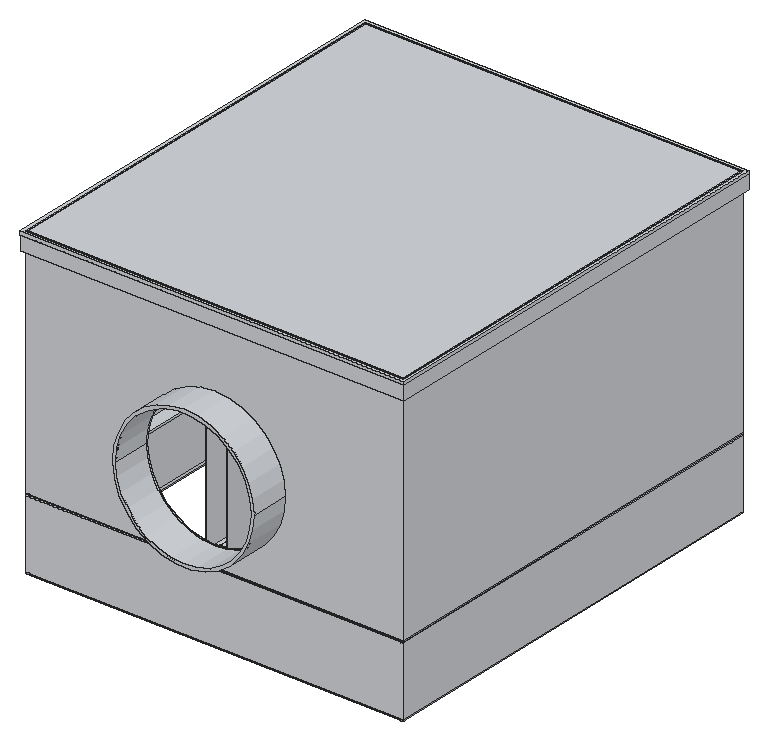
Revit family "C-SR-WT", category Mechanical Equipment, Revit 2015
Parameters
  URL = "http://unitedenertech.com/catalog/pdf/P_93a%20C-SR-WT.pdf"
  Type Comments = "Max. Size is (20\"l x 22\"w x 13\"h)"
  Track Length [instance] = Exact Length - 0' 0 3/16"  # 1' - 5 13/16"
  Model = "C-S/R-WT"
  Manufacturer = "United Enertech Corporation"
  Keynote = "Round Inlet Shown, Consult Factory if a Model with an Oval Inlet is Required."
  Inlet Radius = 0' - 3"
  Inlet ID [instance] = Inlet Radius - 0' 0 1/8"  # 0' - 2 7/8"
  Height = 1' - 1"
  Exact Width = 1' - 4"
  Exact Length = 1' - 6"
  Description = "Rectangular Ceiling Damper for Wood Truss Systems"
  Blade Height [instance] = Exact Width / 2 - 0' 0 3/4"  # 0' - 7 1/4"
Reference planes (in)
  plane 1 "Center (Front/Back)": y = 0
  plane 2: z = 0
  plane 3 "Center (Left/Right)": x = 0
  plane 4: x = -8
  plane 5: x = 8
  plane 6: y = -9
  plane 7: y = 9
  plane 8: z = 10.32128
  plane 9: z = 3.07128
  plane 10: y = -8.875
  plane 11: y = 8.875
  plane 12: y = -9.125
  plane 13: y = 9.125
  plane 14: x = -8.125
  plane 15: x = 8.125
  plane 16: z = 13
  plane 17: z = 12.875
  plane 18: y = -10.625
  plane 19: z = 12.25
  plane 20: z = 6.75
Forms (in)
  Extrusion 1, solid
    sketch origin (-3.22557, 0, -2.41006) x (1, 0, 0) y (0, 0, 1)
      loop
        line (3.67769, 5.56427) -> (3.67769, 5.70274) -> (3.64253, 5.70274) -> (3.64253, 5.56427)
        arc (3.64253, 5.56427) -> (3.63351, 5.53128) -> (3.60896, 5.50747) r 0.06484
        line (3.60896, 5.50747) -> (3.49684, 5.50747)
        arc (3.49684, 5.50747) -> (3.38487, 5.69001) -> (3.54769, 5.82912) r 0.16484
        arc (3.54769, 5.82912) -> (3.64326, 5.8687) -> (3.68285, 5.96427) r 0.13516
        line (3.68285, 5.96427) -> (3.68285, 12.73134) -> (3.64769, 12.73134) -> (3.64769, 5.96427)
        arc (3.64769, 5.96427) -> (3.6184, 5.89356) -> (3.54769, 5.86427) r 0.1
        arc (3.54769, 5.86427) -> (3.34971, 5.69263) -> (3.49156, 5.47231) r 0.2
        line (3.49156, 5.47231) -> (3.61697, 5.47231)
        arc (3.61697, 5.47231) -> (3.66114, 5.50918) -> (3.67769, 5.56427) r 0.1
    from -8.875 to 8.875
  Extrusion 2, solid
    sketch origin (0, 0, 0) x (1, 0, 0) y (0, 1, 0)
      loop
        line (-8, 9) -> (-8, -9) -> (8, -9) -> (8, 9) -> (-8, 9)
      loop
        line (-8.125, 9.125) -> (-8.125, -9.125) -> (8.125, -9.125) -> (8.125, 9.125) -> (-8.125, 9.125)
    from 12.25 to 12.875
  Extrusion 3, solid
    sketch origin (0, 0, 0) x (1, 0, 0) y (0, 1, 0)
      loop
        line (-8.125, 9.125) -> (-8.125, -9.125) -> (8.125, -9.125) -> (8.125, 9.125) -> (-8.125, 9.125)
    from 12.875 to 13
  Extrusion 4, solid
    sketch origin (3.22557, 0, -2.41006) x (-1, 0, 0) y (0, 0, -1)
      loop
        arc (3.67769, -5.56427) -> (3.66114, -5.50918) -> (3.61697, -5.47231) r 0.1
        line (3.61697, -5.47231) -> (3.49156, -5.47231)
        arc (3.49156, -5.47231) -> (3.34971, -5.69263) -> (3.54769, -5.86427) r 0.2
        arc (3.54769, -5.86427) -> (3.6184, -5.89356) -> (3.64769, -5.96427) r 0.1
        line (3.64769, -5.96427) -> (3.64769, -12.73134) -> (3.68285, -12.73134) -> (3.68285, -5.96427)
        arc (3.68285, -5.96427) -> (3.64326, -5.8687) -> (3.54769, -5.82912) r 0.13516
        arc (3.54769, -5.82912) -> (3.38487, -5.69001) -> (3.49684, -5.50747) r 0.16484
        line (3.49684, -5.50747) -> (3.60896, -5.50747)
        arc (3.60896, -5.50747) -> (3.63351, -5.53128) -> (3.64253, -5.56427) r 0.06484
        line (3.64253, -5.56427) -> (3.64253, -5.70274) -> (3.67769, -5.70274) -> (3.67769, -5.56427)
    from -8.875 to 8.875
  Extrusion 5, solid
    sketch origin (0, 0, 0) x (1, 0, 0) y (0, 0, 1)
      loop
        circle (0, 6.75) r 3
      loop
        circle (0, 6.75) r 2.875
    from 9 to 10.625
Dimensions and locks (in)
  equal spacing: plane 4, plane 3 "Center (Left/Right)", plane 5
  "Exact Width": plane 4 to plane 5
  equal spacing: plane 7, plane 1 "Center (Front/Back)", plane 6
  "Exact Length": plane 7 to plane 6
  locked: plane 9 to level at 3.07128
  locked: plane 10 to plane 6 at 0.125
  locked: plane 11 to plane 7 at 0.125
  locked: plane 13 to plane 7 at 0.125
  locked: plane 12 to plane 6 at 0.125
  locked: plane 14 to plane 4 at 0.125
  locked: plane 5 to plane 15 at 0.125
  "Height": plane 16 to level
  locked: plane 16 to plane 17 at 0.125
  locked: plane 12 to plane 18 at 1.5
  locked: plane 16 to plane 19 at 0.75
  "Blade Height": plane 8 to plane 9
  locked: plane 20 to level at 6.75
  "Inlet ID": radius of Extrusion 5 sketch curve
  "Inlet Radius": radius of Extrusion 5 sketch curve
  aligned and locked: level to plane 2
  aligned and locked: plane 1 "Center (Front/Back)" to nested 1
  aligned and locked: Extrusion 1 to plane 10
  aligned and locked: Extrusion 1 to plane 11
  aligned and locked: Extrusion 2 sketch curve to plane 13
  aligned and locked: Extrusion 2 sketch curve to plane 12
  aligned and locked: plane 14 to Extrusion 2 sketch curve
  aligned and locked: plane 15 to Extrusion 2 sketch curve
  aligned and locked: Extrusion 2 sketch curve to plane 5
  aligned and locked: Extrusion 2 sketch curve to plane 4
  aligned and locked: plane 6 to Extrusion 2 sketch curve
  aligned and locked: Extrusion 2 sketch curve to plane 7
  aligned and locked: plane 17 to Extrusion 2
  aligned and locked: Extrusion 3 sketch curve to plane 13
  aligned and locked: plane 14 to Extrusion 3 sketch curve
  aligned and locked: plane 15 to Extrusion 3 sketch curve
  aligned and locked: Extrusion 3 sketch curve to plane 12
  aligned and locked: Extrusion 3 to plane 17
  aligned and locked: plane 16 to Extrusion 3
  aligned and locked: plane 7 to nested 2
  aligned and locked: plane 3 "Center (Left/Right)" to nested 2
  aligned and locked: Extrusion 1 sketch curve to plane 8
  aligned and locked: plane 1 "Center (Front/Back)" to nested 3
  aligned and locked: plane 5 to nested 3
  aligned and locked: nested 4 to plane 4
  aligned and locked: Extrusion 4 to plane 11
  aligned and locked: Extrusion 4 to plane 10
  aligned and locked: nested 5 to plane 3 "Center (Left/Right)"
  aligned and locked: nested 5 to plane 6
  aligned and locked: plane 6 to Extrusion 5
  aligned and locked: Extrusion 5 to plane 18
Automatic sketch dimensions
  Extrusion 1 sketch curve to Extrusion 1 sketch curve = 0' - 0"  (x6)
  Extrusion 1 sketch curve to plane 9 = 0' - 0.00903"
  plane 3 "Center (Left/Right)" to Extrusion 1 sketch curve = 0' - 0.26599"
  Extrusion 1 sketch curve to Extrusion 1 sketch curve = 0' - 0.00528"
  Extrusion 1 sketch curve to Extrusion 1 sketch curve = 0' - 0.05085"
  plane 9 to Extrusion 1 sketch curve = 0' - 0.08293"
  Extrusion 1 sketch curve to Extrusion 1 sketch curve = 0' - 0.08085"
  plane 9 to Extrusion 1 sketch curve = 0' - 0.02612"
  Extrusion 1 sketch curve to Extrusion 1 sketch curve = 0' - 0.03127"
  Extrusion 1 sketch curve to Extrusion 1 sketch curve = 0' - 0.00801"
  plane 3 "Center (Left/Right)" to Extrusion 1 sketch curve = 0' - 0.42212"
  Extrusion 1 sketch curve to Extrusion 1 sketch curve = 0' - 0 9/256"
  Extrusion 1 sketch curve to Extrusion 1 sketch curve = 0' - 0.1"  (x2)
  Extrusion 1 sketch curve to Extrusion 1 sketch curve = 0' - 0.03847"
  Extrusion 4 sketch curve to Extrusion 4 sketch curve = 0' - 0"  (x6)
  Extrusion 4 sketch curve to plane 8 = 0' - 0"
  plane 9 to Extrusion 4 sketch curve = 0' - 0.00903"
  plane 3 "Center (Left/Right)" to Extrusion 4 sketch curve = 0' - 0.26599"
  Extrusion 4 sketch curve to Extrusion 4 sketch curve = 0' - 0.00528"
  Extrusion 4 sketch curve to Extrusion 4 sketch curve = 0' - 0.05085"
  Extrusion 4 sketch curve to plane 9 = 0' - 0.08293"
  Extrusion 4 sketch curve to Extrusion 4 sketch curve = 0' - 0.08085"
  Extrusion 4 sketch curve to plane 9 = 0' - 0.02612"
  Extrusion 4 sketch curve to Extrusion 4 sketch curve = 0' - 0.03127"
  Extrusion 4 sketch curve to Extrusion 4 sketch curve = 0' - 0.00801"
  plane 3 "Center (Left/Right)" to Extrusion 4 sketch curve = 0' - 0.42212"
  Extrusion 4 sketch curve to Extrusion 4 sketch curve = 0' - 0 9/256"
  Extrusion 4 sketch curve to Extrusion 4 sketch curve = 0' - 0.1"  (x2)
  Extrusion 4 sketch curve to Extrusion 4 sketch curve = 0' - 0.03847"
  Extrusion 5 sketch curve to Extrusion 5 sketch curve = 0' - 0"  (x2)
  Extrusion 5 sketch curve to plane 3 "Center (Left/Right)" = 0' - 0"
  Extrusion 5 sketch curve to plane 20 = 0' - 0"
Nested families (in)
  nested 1: "CRD Track" at (1.0397, 0, 3.04234) x (0, -1, 0) z (0, 0, 1), type "CRD Track"
    with Track Length 1' - 5 13/16"
  nested 2: "CSRWT1 FRAME" at (0, 6.99283, -0.25013), type "CSRWT1 FRAME"
    with Frame Length 1' - 4"
  nested 3: "CSRWT FRAME" at (5.99283, 0, -0.25013) x (0, -1, 0) z (0, 0, 1), type "CSRWT FRAME"
    with Frame Length 1' - 6"
  nested 4: "CSRWT FRAME" at (-5.99283, 0, -0.25013) x (0, -1, 0) z (0, 0, 1), type "CSRWT FRAME"
    with Frame Length 1' - 6"
  nested 5: "CSRWT2 FRAME" at (0, -6.99283, -0.25013) x (-1, 0, 0) z (0, 0, 1), type "CSRWT2 FRAME"
    with Void Radius 0' - 2 7/8", Frame Length 1' - 4"
Definition of nested family "CRD Track"
  Parameters (values of type "CRD Track")
    Track Length = 0' - 11 1/2"
  Reference planes (in)
    plane 1 "Center (Front/Back)": y = 0
    plane 2: z = 0
    plane 3 "Center (Left/Right)": x = 0
    plane 4: x = -5.75
    plane 5: x = 5.75
    plane 6: x = -5.7859
    plane 7: x = 5.7859
    plane 8: z = 0.5
    plane 9: y = -0.7897
    plane 10: y = -1.2897
    plane 11: x = 5.25
    plane 12: x = -5.25
  Forms (in)
    Extrusion 1, solid
      sketch origin (0, 2.51089, -1.29923) x (0, 1, 0) y (0, 0, 1)
        loop
          arc (-3.55059, 1.29923) -> (-3.30873, 1.30598) -> (-3.06763, 1.32622) r 4.33445
          arc (-3.06763, 1.32622) -> (-3.03891, 1.3374) -> (-3.01954, 1.36136) r 0.06
          arc (-3.01954, 1.36136) -> (-3.0102, 1.49991) -> (-3.09301, 1.61139) r 0.2008
          arc (-3.09301, 1.61139) -> (-3.14853, 1.61336) -> (-3.18187, 1.56892) r 0.06
          line (-3.18187, 1.56892) -> (-3.20309, 1.43923) -> (-3.16839, 1.43355) -> (-3.14717, 1.56324)
          arc (-3.14717, 1.56324) -> (-3.13377, 1.58144) -> (-3.11117, 1.58126) r 0.02484
          arc (-3.11117, 1.58126) -> (-3.04188, 1.48234) -> (-3.05816, 1.36268) r 0.16564
          arc (-3.05816, 1.36268) -> (-3.30397, 1.34146) -> (-3.55059, 1.33438) r 4.2993
          arc (-3.55059, 1.33438) -> (-3.79721, 1.34146) -> (-4.04302, 1.36268) r 4.2993
          arc (-4.04302, 1.36268) -> (-4.0593, 1.48234) -> (-3.99001, 1.58126) r 0.16564
          arc (-3.99001, 1.58126) -> (-3.9674, 1.58144) -> (-3.95401, 1.56324) r 0.02484
          line (-3.95401, 1.56324) -> (-3.93278, 1.43355) -> (-3.89809, 1.43923) -> (-3.91931, 1.56892)
          arc (-3.91931, 1.56892) -> (-3.95265, 1.61336) -> (-4.00817, 1.61139) r 0.06
          arc (-4.00817, 1.61139) -> (-4.09098, 1.49991) -> (-4.08164, 1.36136) r 0.2008
          arc (-4.08164, 1.36136) -> (-4.06226, 1.3374) -> (-4.03355, 1.32622) r 0.06
          arc (-4.03355, 1.32622) -> (-3.79245, 1.30598) -> (-3.55059, 1.29923) r 4.33445
      from -5.75 to 5.75
    Extrusion 2, solid
      sketch origin (2.39415, 1.36935, 0) x (1, 0, 0) y (0, 1, 0)
        loop
          line (-8.18005, -2.65905) -> (-8.14415, -2.65905) -> (-8.14415, -2.15905) -> (-8.18005, -2.15905) -> (-8.18005, -2.65905)
      from 0 to 0.5
    Extrusion 3, solid
      sketch origin (-2.39415, 1.36935, 0) x (-1, 0, 0) y (0, -1, 0)
        loop
          line (-8.18005, 2.65905) -> (-8.18005, 2.15905) -> (-8.14415, 2.15905) -> (-8.14415, 2.65905) -> (-8.18005, 2.65905)
      from 0 to 0.5
    Extrusion 4, solid
      sketch origin (0, 0, 0) x (0, 1, 0) y (0, 0, 1)
        loop
          line (-0.7897, 0.5) -> (-1.2897, 0.5) -> (-1.2897, 0.4641) -> (-0.7897, 0.4641) -> (-0.7897, 0.5)
      from 5.25 to 5.75
    Extrusion 5, solid
      sketch origin (0, 0, 0) x (0, 1, 0) y (0, 0, -1)
        loop
          line (-0.7897, -0.5) -> (-0.7897, -0.4641) -> (-1.2897, -0.4641) -> (-1.2897, -0.5) -> (-0.7897, -0.5)
      from 5.25 to 5.75
  Dimensions and locks (in)
    equal spacing: plane 4, plane 3 "Center (Left/Right)", plane 5
    "Track Length": plane 4 to plane 5
    locked: plane 5 to plane 7 at 0.0359
    locked: plane 6 to plane 4 at 0.0359
    locked: plane 8 to level at 0.5
    locked: plane 11 to plane 5 at 0.5
    locked: plane 4 to plane 12 at 0.5
    aligned and locked: level to plane 2
    aligned and locked: plane 4 to Extrusion 1
    aligned and locked: plane 5 to Extrusion 1
    aligned and locked: Extrusion 2 to plane 4
    aligned and locked: Extrusion 3 to plane 5
    aligned and locked: plane 8 to Extrusion 2
    aligned and locked: plane 8 to Extrusion 3
    aligned and locked: plane 11 to Extrusion 4
    aligned and locked: plane 5 to Extrusion 4
    aligned and locked: plane 12 to Extrusion 5
    aligned and locked: plane 4 to Extrusion 5
  Automatic sketch dimensions
    Extrusion 1 sketch curve to Extrusion 1 sketch curve = 0' - 0"  (x23)
    Extrusion 1 sketch curve to level = 0' - 0"
    level to Extrusion 1 sketch curve = 0' - 0.08662"  (x2)
    Extrusion 1 sketch curve to plane 10 = 0' - 0.22627"
    Extrusion 1 sketch curve to plane 10 = 0' - 0.17794"
    Extrusion 1 sketch curve to Extrusion 1 sketch curve = 0' - 0.02452"  (x2)
    Extrusion 1 sketch curve to Extrusion 1 sketch curve = 0' - 0.09408"  (x2)
    Extrusion 1 sketch curve to Extrusion 1 sketch curve = 0' - 0.03469"  (x3)
    Extrusion 1 sketch curve to Extrusion 1 sketch curve = 0' - 0.03446"
    Extrusion 1 sketch curve to Extrusion 1 sketch curve = 0' - 0.00023"  (x2)
    Extrusion 1 sketch curve to plane 9 = 0' - 0 1/4"
    plane 9 to Extrusion 1 sketch curve = 0' - 0.0975"
    plane 9 to Extrusion 1 sketch curve = 0' - 0.11872"
    Extrusion 1 sketch curve to Extrusion 1 sketch curve = 0' - 0.04771"  (x2)
    Extrusion 1 sketch curve to Extrusion 1 sketch curve = 0' - 0.00568"  (x2)
    Extrusion 1 sketch curve to Extrusion 1 sketch curve = 0' - 0.00408"  (x2)
    Extrusion 1 sketch curve to Extrusion 1 sketch curve = 0' - 0.00401"  (x2)
    plane 8 to Extrusion 1 sketch curve = 0' - 3.83445"
    Extrusion 1 sketch curve to Extrusion 1 sketch curve = 0' - 0.01616"
    Extrusion 1 sketch curve to Extrusion 1 sketch curve = 0' - 0.01148"  (x2)
    Extrusion 1 sketch curve to Extrusion 1 sketch curve = 0' - 0.01817"
    Extrusion 2 sketch curve to plane 6 = 0' - 0"
    Extrusion 2 sketch curve to plane 4 = 0' - 0"
    Extrusion 2 sketch curve to plane 10 = 0' - 0"
    Extrusion 2 sketch curve to plane 9 = 0' - 0"
    Extrusion 3 sketch curve to plane 7 = 0' - 0"
    Extrusion 3 sketch curve to plane 5 = 0' - 0"
    Extrusion 3 sketch curve to plane 10 = 0' - 0"
    Extrusion 3 sketch curve to plane 9 = 0' - 0"
    Extrusion 4 sketch curve to plane 8 = 0' - 0"
    Extrusion 4 sketch curve to plane 10 = 0' - 0"
    Extrusion 4 sketch curve to plane 9 = 0' - 0"
    Extrusion 4 sketch curve to Extrusion 4 sketch curve = 0' - 0.0359"
    Extrusion 5 sketch curve to plane 8 = 0' - 0"
    Extrusion 5 sketch curve to plane 10 = 0' - 0"
    Extrusion 5 sketch curve to plane 9 = 0' - 0"
    Extrusion 5 sketch curve to Extrusion 5 sketch curve = 0' - 0.0359"
Definition of nested family "CSRWT1 FRAME"
  Parameters (values of type "CSRWT1 FRAME")
    Frame Length = 1' - 0"
  Reference planes (in)
    plane 1 "Center (Front/Back)": y = 0
    plane 2: z = 0
    plane 3 "Center (Left/Right)": x = 0
    plane 4: x = -6
    plane 5: x = 6
  Forms (in)
    Extrusion 1, solid
      sketch origin (0, 3.63966, -0.3957) x (0, 1, 0) y (0, 0, 1)
        loop
          line (-1.63248, 3.69122) -> (-1.63248, 13.64584) -> (-1.66764, 13.64584) -> (-1.66764, 3.68086) -> (-2.22496, 3.68818)
          arc (-2.22496, 3.68818) -> (-2.26711, 3.64603) -> (-2.22496, 3.60387) r 0.04215
          line (-2.22496, 3.60387) -> (-1.66764, 3.6108) -> (-1.66764, 0.76139) -> (-1.68857, 0.79128) -> (-1.70596, 0.6889)
          arc (-1.70596, 0.6889) -> (-1.67259, 0.64584) -> (-1.63248, 0.6827) r 0.037
          line (-1.63248, 0.6827) -> (-1.63248, 3.60084)
          arc (-1.63248, 3.60084) -> (-1.6458, 3.63279) -> (-1.67786, 3.64584) r 0.045
          arc (-1.67786, 3.64584) -> (-1.64578, 3.65913) -> (-1.63248, 3.69122) r 0.04538
      from -6 to 6
    Extrusion 2, void
      sketch origin (0, 0, 0) x (1, 0, 0) y (0, 1, 0)
        loop
          line (-6, 2.03516) -> (-6, 0) -> (-3.96484, 0) -> (-6, 2.03516)
      from 0 to 14.73131
    Extrusion 3, void
      sketch origin (0, 0, 0) x (-1, 0, 0) y (0, -1, 0)
        loop
          line (-6, -2.03516) -> (-3.96484, 0) -> (-6, 0) -> (-6, -2.03516)
      from 0 to 14.73131
  Cuts and joins
    Extrusion 2, Extrusion 3 cuts Extrusion 1
  Dimensions and locks (in)
    equal spacing: plane 4, plane 3 "Center (Left/Right)", plane 5
    "Frame Length": plane 4 to plane 5
    aligned and locked: level to plane 2
    aligned and locked: plane 4 to Extrusion 1
    aligned and locked: plane 5 to Extrusion 1
  Automatic sketch dimensions
    plane 1 "Center (Front/Back)" to Extrusion 2 sketch curve = 0' - 0"
    Extrusion 2 sketch curve to plane 4 = 0' - 0"
    Extrusion 2 sketch curve to plane 4 = 0' - 2 9/256"
    Extrusion 2 sketch curve to Extrusion 2 sketch curve = 0' - 2 9/256"
    plane 1 "Center (Front/Back)" to Extrusion 3 sketch curve = 0' - 0"
    Extrusion 3 sketch curve to plane 5 = 0' - 0"
    Extrusion 3 sketch curve to Extrusion 3 sketch curve = 0' - 2 9/256"  (x2)
    Extrusion 1 sketch curve to plane 1 "Center (Front/Back)" = 0' - 1.4147"
    level to Extrusion 1 sketch curve = 0' - 0.2932"
    Extrusion 1 sketch curve to plane 1 "Center (Front/Back)" = 0' - 1.9337"
    level to Extrusion 1 sketch curve = 0' - 0.39557"
    Extrusion 1 sketch curve to Extrusion 1 sketch curve = 0' - 0.01739"
    Extrusion 1 sketch curve to Extrusion 1 sketch curve = 0' - 0.54709"
    Extrusion 1 sketch curve to Extrusion 1 sketch curve = 0' - 0.00038"
    Extrusion 1 sketch curve to Extrusion 1 sketch curve = 0' - 0.03648"
    Extrusion 1 sketch curve to Extrusion 1 sketch curve = 0' - 0.00984"
    Extrusion 1 sketch curve to Extrusion 1 sketch curve = 0' - 0.01023"
    Extrusion 1 sketch curve to Extrusion 1 sketch curve = 0' - 0 9/256"  (x2)
    Extrusion 1 sketch curve to Extrusion 1 sketch curve = 0' - 2.80956"
    Extrusion 1 sketch curve to Extrusion 1 sketch curve = 0' - 0.00304"
    Extrusion 1 sketch curve to Extrusion 1 sketch curve = 0' - 0.00997"
    Extrusion 1 sketch curve to Extrusion 1 sketch curve = 0' - 0.04215"
    Extrusion 1 sketch curve to Extrusion 1 sketch curve = 0' - 0.01036"
    Extrusion 1 sketch curve to Extrusion 1 sketch curve = 0' - 9.95462"
    level to Extrusion 1 sketch curve = 0' - 0.36568"
Definition of nested family "CSRWT FRAME"
  Parameters (values of type "CSRWT FRAME")
    Frame Length = 1' - 0"
  Reference planes (in)
    plane 1 "Center (Front/Back)": y = 0
    plane 2: z = 0
    plane 3 "Center (Left/Right)": x = 0
    plane 4: x = -6
    plane 5: x = 6
  Forms (in)
    Extrusion 1, solid
      sketch origin (0, 3.63966, -0.3957) x (0, 1, 0) y (0, 0, 1)
        loop
          line (-1.63248, 3.69122) -> (-1.63248, 13.64584) -> (-1.66764, 13.64584) -> (-1.66764, 3.68086) -> (-2.22496, 3.68818)
          arc (-2.22496, 3.68818) -> (-2.26711, 3.64603) -> (-2.22496, 3.60387) r 0.04215
          line (-2.22496, 3.60387) -> (-1.66764, 3.6108) -> (-1.66764, 0.76139) -> (-1.68857, 0.79128) -> (-1.70596, 0.6889)
          arc (-1.70596, 0.6889) -> (-1.67259, 0.64584) -> (-1.63248, 0.6827) r 0.037
          line (-1.63248, 0.6827) -> (-1.63248, 3.60084)
          arc (-1.63248, 3.60084) -> (-1.6458, 3.63279) -> (-1.67786, 3.64584) r 0.045
          arc (-1.67786, 3.64584) -> (-1.64578, 3.65913) -> (-1.63248, 3.69122) r 0.04538
      from -6 to 6
    Extrusion 2, void
      sketch origin (0, 0, 0) x (1, 0, 0) y (0, 1, 0)
        loop
          line (-6, 2.03516) -> (-6, 0) -> (-3.96484, 0) -> (-6, 2.03516)
      from 0 to 14.73131
    Extrusion 3, void
      sketch origin (0, 0, 0) x (-1, 0, 0) y (0, -1, 0)
        loop
          line (-6, -2.03516) -> (-3.96484, 0) -> (-6, 0) -> (-6, -2.03516)
      from 0 to 14.73131
  Cuts and joins
    Extrusion 2, Extrusion 3 cuts Extrusion 1
  Dimensions and locks (in)
    equal spacing: plane 4, plane 3 "Center (Left/Right)", plane 5
    "Frame Length": plane 4 to plane 5
    aligned and locked: level to plane 2
    aligned and locked: plane 4 to Extrusion 1
    aligned and locked: plane 5 to Extrusion 1
  Automatic sketch dimensions
    plane 1 "Center (Front/Back)" to Extrusion 2 sketch curve = 0' - 0"
    Extrusion 2 sketch curve to plane 4 = 0' - 0"
    Extrusion 2 sketch curve to plane 4 = 0' - 2 9/256"
    Extrusion 2 sketch curve to Extrusion 2 sketch curve = 0' - 2 9/256"
    plane 1 "Center (Front/Back)" to Extrusion 3 sketch curve = 0' - 0"
    Extrusion 3 sketch curve to plane 5 = 0' - 0"
    Extrusion 3 sketch curve to Extrusion 3 sketch curve = 0' - 2 9/256"  (x2)
    Extrusion 1 sketch curve to plane 1 "Center (Front/Back)" = 0' - 1.4147"
    level to Extrusion 1 sketch curve = 0' - 0.2932"
    Extrusion 1 sketch curve to plane 1 "Center (Front/Back)" = 0' - 1.9337"
    level to Extrusion 1 sketch curve = 0' - 0.39557"
    Extrusion 1 sketch curve to Extrusion 1 sketch curve = 0' - 0.01739"
    Extrusion 1 sketch curve to Extrusion 1 sketch curve = 0' - 0.54709"
    Extrusion 1 sketch curve to Extrusion 1 sketch curve = 0' - 0.00038"
    Extrusion 1 sketch curve to Extrusion 1 sketch curve = 0' - 0.03648"
    Extrusion 1 sketch curve to Extrusion 1 sketch curve = 0' - 0.00984"
    Extrusion 1 sketch curve to Extrusion 1 sketch curve = 0' - 0.01023"
    Extrusion 1 sketch curve to Extrusion 1 sketch curve = 0' - 0 9/256"  (x2)
    Extrusion 1 sketch curve to Extrusion 1 sketch curve = 0' - 2.80956"
    Extrusion 1 sketch curve to Extrusion 1 sketch curve = 0' - 0.00304"
    Extrusion 1 sketch curve to Extrusion 1 sketch curve = 0' - 0.00997"
    Extrusion 1 sketch curve to Extrusion 1 sketch curve = 0' - 0.04215"
    Extrusion 1 sketch curve to Extrusion 1 sketch curve = 0' - 0.01036"
    Extrusion 1 sketch curve to Extrusion 1 sketch curve = 0' - 9.95462"
    level to Extrusion 1 sketch curve = 0' - 0.36568"
Definition of nested family "CSRWT2 FRAME"
  Parameters (values of type "CSRWT2 FRAME")
    Void Radius = 0' - 2"
    Frame Length = 1' - 0"
  Reference planes (in)
    plane 1 "Center (Front/Back)": y = 0
    plane 2: z = 0
    plane 3 "Center (Left/Right)": x = 0
    plane 4: x = -6
    plane 5: x = 6
  Forms (in)
    Extrusion 1, solid
      sketch origin (0, 3.63966, -0.3957) x (0, 1, 0) y (0, 0, 1)
        loop
          line (-1.63248, 3.69122) -> (-1.63248, 13.64584) -> (-1.66764, 13.64584) -> (-1.66764, 3.68086) -> (-2.22496, 3.68818)
          arc (-2.22496, 3.68818) -> (-2.26711, 3.64603) -> (-2.22496, 3.60387) r 0.04215
          line (-2.22496, 3.60387) -> (-1.66764, 3.6108) -> (-1.66764, 0.76139) -> (-1.68857, 0.79128) -> (-1.70596, 0.6889)
          arc (-1.70596, 0.6889) -> (-1.67259, 0.64584) -> (-1.63248, 0.6827) r 0.037
          line (-1.63248, 0.6827) -> (-1.63248, 3.60084)
          arc (-1.63248, 3.60084) -> (-1.6458, 3.63279) -> (-1.67786, 3.64584) r 0.045
          arc (-1.67786, 3.64584) -> (-1.64578, 3.65913) -> (-1.63248, 3.69122) r 0.04538
      from -6 to 6
    Extrusion 2, void
      sketch origin (0, 0, 0) x (1, 0, 0) y (0, 1, 0)
        loop
          line (-6, 2.03516) -> (-6, 0) -> (-3.96484, 0) -> (-6, 2.03516)
      from 0 to 14.73131
    Extrusion 3, void
      sketch origin (0, 0, 0) x (-1, 0, 0) y (0, -1, 0)
        loop
          line (-6, -2.03516) -> (-3.96484, 0) -> (-6, 0) -> (-6, -2.03516)
      from 0 to 14.73131
    Extrusion 4, void
      sketch origin (0, 0, 0) x (1, 0, 0) y (0, 0, 1)
        loop
          circle (0, 7.00013) r 2
      from -6.30303 to 0.57746
  Cuts and joins
    Extrusion 2, Extrusion 3, Extrusion 4 cuts Extrusion 1
  Dimensions and locks (in)
    equal spacing: plane 4, plane 3 "Center (Left/Right)", plane 5
    "Frame Length": plane 4 to plane 5
    "Void Radius": radius of Extrusion 4 sketch curve
    aligned and locked: level to plane 2
    aligned and locked: plane 4 to Extrusion 1
    aligned and locked: plane 5 to Extrusion 1
  Automatic sketch dimensions
    plane 1 "Center (Front/Back)" to Extrusion 2 sketch curve = 0' - 0"
    Extrusion 2 sketch curve to plane 4 = 0' - 0"
    Extrusion 2 sketch curve to plane 4 = 0' - 2 9/256"
    Extrusion 2 sketch curve to Extrusion 2 sketch curve = 0' - 2 9/256"
    plane 1 "Center (Front/Back)" to Extrusion 3 sketch curve = 0' - 0"
    Extrusion 3 sketch curve to plane 5 = 0' - 0"
    Extrusion 3 sketch curve to Extrusion 3 sketch curve = 0' - 2 9/256"  (x2)
    Extrusion 1 sketch curve to plane 1 "Center (Front/Back)" = 0' - 1.4147"
    level to Extrusion 1 sketch curve = 0' - 0.2932"
    Extrusion 1 sketch curve to plane 1 "Center (Front/Back)" = 0' - 1.9337"
    level to Extrusion 1 sketch curve = 0' - 0.39557"
    Extrusion 1 sketch curve to Extrusion 1 sketch curve = 0' - 0.01739"
    Extrusion 1 sketch curve to Extrusion 1 sketch curve = 0' - 0.54709"
    Extrusion 1 sketch curve to Extrusion 1 sketch curve = 0' - 0.00038"
    Extrusion 1 sketch curve to Extrusion 1 sketch curve = 0' - 0.03648"
    Extrusion 1 sketch curve to Extrusion 1 sketch curve = 0' - 0.00984"
    Extrusion 1 sketch curve to Extrusion 1 sketch curve = 0' - 0.01023"
    Extrusion 1 sketch curve to Extrusion 1 sketch curve = 0' - 0 9/256"  (x2)
    Extrusion 1 sketch curve to Extrusion 1 sketch curve = 0' - 2.80956"
    Extrusion 1 sketch curve to Extrusion 1 sketch curve = 0' - 0.00304"
    Extrusion 1 sketch curve to Extrusion 1 sketch curve = 0' - 0.00997"
    Extrusion 1 sketch curve to Extrusion 1 sketch curve = 0' - 0.04215"
    Extrusion 1 sketch curve to Extrusion 1 sketch curve = 0' - 0.01036"
    Extrusion 1 sketch curve to Extrusion 1 sketch curve = 0' - 9.95462"
    level to Extrusion 1 sketch curve = 0' - 0.36568"
    Extrusion 4 sketch curve to plane 3 "Center (Left/Right)" = 0' - 0"
    level to Extrusion 4 sketch curve = 0' - 7.00013"
